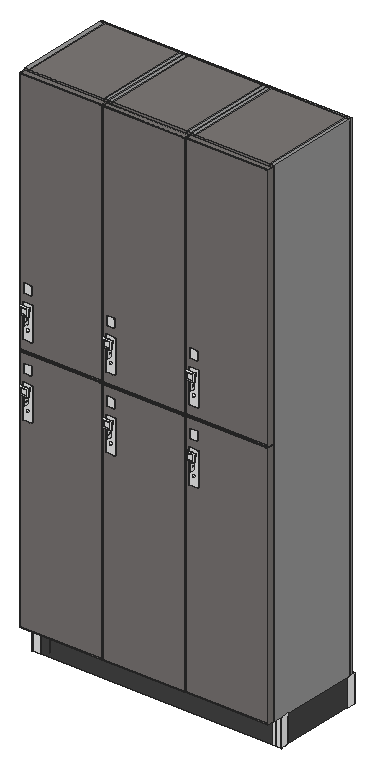
Revit family "Wood_Lockers_Hasps-Salsbury_Industries-42000_Series-3_Wide_Units.rfa", category Specialty Equipment, Revit 2016
Family settings
  Part Type = Normal
  Round Connector Dimension = Use Diameter
  OmniClass Number = 23.40.00.00
  OmniClass Title = Equipment and Furnishings
  Work Plane-Based = No
  Always vertical = Yes
  Cut with Voids When Loaded = No
  Shared = No
  Room Calculation Point = No
Parameters (values of type "42365")
  Width = 36.000"
  Version = "1.0 (01/31/24)"
  Unit Height including Sloping Hood Only [instance] = 77.743"
  Unit Height including Base Only [instance] = 76.000"
  URL = "www.lockers.com"
  Type Comments = "Premier Wood Lockers - Double Tier - with Hasps"
  Total Doors Height [instance] = if(Unit Height = 72.000", 71.750", if(Unit Height = 60.000", 59.750", 0.000"))  # 71.750"
  Sloping Top Corner Filler - Right Side [instance] = Wood Locker Sloping Corner Fillers : None
  Sloping Top Corner Filler - Left Side [instance] = Wood Locker Sloping Corner Fillers : None
  Sloping In-Line Filler - Right Side [instance] = Wood Locker Sloping In-Line Fillers : None
  Sloping In-Line Filler - Left Side [instance] = Wood Locker Sloping In-Line Fillers : None
  Sloping Hood Height = if(Depth = 15.000", 5.743", if(Depth = 18.000", 6.868", if(Depth = 21.000", 7.993", if(Depth = 24.000", 9.118", 0.000"))))  # 5.743"
  Sloping Hood [instance] = Wood Locker Sloping Hoods : None
  Side Panel without Slope - Right Side [instance] = Wood Locker Side Panels-No Slope : None
  Side Panel without Slope - Left Side [instance] = Wood Locker Side Panels-No Slope : None
  Side Panel with Slope - Right Side [instance] = Wood Locker Side Panels-With Slope : None
  Side Panel with Slope - Left Side [instance] = Wood Locker Side Panels-With Slope : None
  Secondary Structure Materials = Particle Board Industrial Grade - Salsbury Finish - Black Melamine Overlay
  Primary Structure Materials = Particle Board Industrial Grade - Salsbury Finish - Plain
  Overall Unit Height including Base and Sloping Hood [instance] = 81.743"
  OmniClass 23 Title = "Equipment and Furnishings"
  OmniClass 23 Number = "23.40.00.00"
  Model = "42365"
  MasterFormat Title = "Lockers"
  MasterFormat Code = "10 51 23"
  Manufacturer = "Salsbury Industries"
  Laminate Surface [instance] = Industrial Grade Particleboard with Wood Laminate - Salsbury Finish - Skyline Walnut
  Unit Height = 72.000"
  Interior Material = Textured Melamine - Salsbury Finish - White
  Individual Door Width [instance] = 11.875"
  Individual Door Height = if(Unit Height = 72.000", 35.781", if(Unit Height = 60.000", 29.781", 0.000"))  # 35.781"
  Hardware = Aluminum - Salsbury Finish - Black Satin
  Front Vertical Filler - Right Side [instance] = Wood Locker Front Fillers : None
  Front Vertical Filler - Left Side [instance] = Wood Locker Front Fillers : None
  Front Corner Filler - Right Side [instance] = Wood Locker Front Corner Filler : None
  Front Corner Filler - Left Side [instance] = Wood Locker Front Corner Filler : None
  Flat Top In-Line Filler - Right Side [instance] = Wood Locker Flat In-Line Fillers : None
  Flat Top In-Line Filler - Left Side [instance] = Wood Locker Flat In-Line Fillers : None
  Flat Top Corner Filler - Right Side [instance] = Wood Locker Flat Corner Fillers : None
  Flat Top Corner Filler - Left Side [instance] = Wood Locker Flat Corner Fillers : None
  Fascia Filler [instance] = Wood Locker Fascia Fillers : None
  Double Side Panel without Slope - Right Side [instance] = Wood Locker Double Side Panels-No Slope : None
  Double Side Panel without Slope - Left Side [instance] = Wood Locker Double Side Panels-No Slope : None
  Double Side Panel with Slope - Right Side [instance] = Wood Locker Double Side Panels-With Slope : None
  Double Side Panel with Slope - Left Side [instance] = Wood Locker Double Side Panels-With Slope : None
  Door Location D2 = Premier Locker Doors_Hasp : Double Tier Door-2 for Six Foot High Locker
  Door Location D1 = Premier Locker Doors_Hasp : Double Tier Door-1 for Six Foot High Locker
  Description = "3 Wide - 6 Feet High - 15 inches Deep - with Base"
  Depth = 15.000"
  Compartment Width [instance] = 10.750"
  Compartment Height [instance] = if(Unit Height = 72.000", 34.875", if(Unit Height = 60.000", 28.875", 0.000"))  # 34.875"
  Compartment Depth [instance] = 13.750"
  Base Material = Particle Board Industrial Grade - Salsbury Finish - Black Melamine Overlay
  Base Height = 4.000"
  Base Depth [instance] = 13.250"
  Base = Wood Locker Bases : Base - 36" W x 15" D Lockers
  Assembly Code = "C1030310"
Reference planes (in)
  plane 1 "Center (Front/Back)": y = 0
  plane 2: z = 0
  plane 3 "Center (Left/Right)": x = 0
  plane 4 "Right Side of Unit": x = 18
  plane 5 "Left Side of Unit": x = -18
  plane 6 "Back of Unit": y = 7.5
  plane 7 "Front of Unit": y = -7.5
  plane 8 "Bottom of Base": z = 0
  plane 9 "Top Edge of Unit": z = 76
  plane 10 "Top of Base Edge": z = 4
  plane 11: z = 81.743
  plane 12 "Right Compartment 3 Edge": x = 17.406
  plane 13 "Left Compartment 1 Edge": x = -17.406
  plane 14 "Front Melamine Edge": y = -6.5
  plane 15 "Back Compartment Edge": y = 7.281
  plane 16 "Front Compartment Edge": y = -6.469
  plane 17 "Front Edge of Base": y = -5.125
  plane 18 "Bottom Edge of Door": z = 4.125
  plane 19 "Top Edge of Door": z = 75.875
  plane 20 "Bottom Compartment Edge": z = 4.75
  plane 21 "Top Compartment Edge": z = 75.25
  plane 22 "Center Top and Bottom": z = 40
  plane 23 "Left Melamine 1 Edge": x = -17.375
  plane 24 "Right Melamine 3 Edge": x = 17.375
  plane 25 "Back Melamine Edge": y = 7.25
  plane 26 "Left Edge of Door": x = -17.875
  plane 27: y = 8.125
  plane 28: y = -5.75
  plane 29 "Base / Ventillation Alignment": y = 8.125
  plane 30 "Compartment 1-2 Dividing Line": x = -6
  plane 31 "Compartment 2-3 Dividing Line": x = 6
  plane 32 "Right Compartment 1 Edge": x = -6.594
  plane 33 "Right Melamine 1 Edge": x = -6.625
  plane 34 "Left Compartment 2 Edge": x = -5.406
  plane 35 "Left Melamine 2 Edge": x = -5.375
  plane 36 "Right Compartment 2 Edge": x = 5.406
  plane 37 "Right Melamine 2 Edge": x = 5.375
  plane 38 "Left Compartment 3 Edge": x = 6.594
  plane 39 "Left Melamine 3 Edge": x = 6.625
  plane 40 "Compartment Shelf": z = 40.375
  plane 41: z = 39.625
  plane 42 "Compartment Extrusion Guide": z = 3.5
  plane 43 "Vertical Center of Compartment 1": x = -12
  plane 44 "Vertical Center of Compartment 3": x = 12
  plane 45: z = 39.906
  plane 46: z = 40.094
  plane 47 "Front of Shelf": y = 2.25
  plane 48: y = 2.281
  plane 49 "Top Shelf - Top": z = 70.75
  plane 50 "Top Shelf - Bottom": z = 70
  plane 51 "Bottom Shelf - Top": z = 35.125
  plane 52 "Bottom Shelf - Bottom": z = 34.375
Forms (in)
  Extrusion 1, solid, material "Particle Board Industrial Grade - Salsbury Finish - Plain" <- "Primary Structure Materials"
    sketch origin (18, 0, 0) x (0, -1, 0) y (0, 0, 1)
      loop
        line (6.469, 76) -> (-7.25, 76) -> (-7.25, 4) -> (6.469, 4) -> (6.469, 76)
    from 0 to 0.594
  Extrusion 2, solid, material "Particle Board Industrial Grade - Salsbury Finish - Plain" <- "Primary Structure Materials"
    sketch origin (-18, 0, 0) x (0, -1, 0) y (0, 0, 1)
      loop
        line (-7.25, 76) -> (-7.25, 4) -> (6.469, 4) -> (6.469, 76) -> (-7.25, 76)
    from 0 to -0.594
  Extrusion 3, solid, material "Textured Melamine - Salsbury Finish - White" <- "Interior Material"
    sketch origin (0, 0, 4) x (0, -1, 0) y (1, 0, 0)
      loop
        line (-7.25, -17.375) -> (6.469, -17.375) -> (6.469, 17.375) -> (-7.25, 17.375) -> (-7.25, -17.375)
    from 0 to 0.75
  Extrusion 4, solid, material "Industrial Grade Particleboard with Wood Laminate - Salsbury Finish - Skyline Walnut" <- "Laminate Surface"
    sketch origin (0, 0, 76) x (0, -1, 0) y (1, 0, 0)
      loop
        line (-7.25, -17.375) -> (6.5, -17.375) -> (6.5, 17.375) -> (-7.25, 17.375) -> (-7.25, -17.375)
    from 0 to -0.75
  Extrusion 5, solid, material "Particle Board Industrial Grade - Salsbury Finish - Plain" <- "Primary Structure Materials"
    sketch origin (0, 7.5, 0) x (1, 0, 0) y (0, 0, 1)
      loop
        line (-18, 76) -> (-18, 4) -> (18, 4) -> (18, 76) -> (-18, 76)
    from 0 to 0.219
  Extrusion 6, solid, material "Industrial Grade Particleboard with Wood Laminate - Salsbury Finish - Skyline Walnut" <- "Laminate Surface"
    sketch origin (0, -6.469, 0) x (1, 0, 0) y (0, 0, 1)
      loop
        line (-18, 76) -> (-18, 4) -> (-17.375, 4) -> (-17.375, 76) -> (-18, 76)
    from 0 to 0.031
  Extrusion 7, solid, material "Industrial Grade Particleboard with Wood Laminate - Salsbury Finish - Skyline Walnut" <- "Laminate Surface"
    sketch origin (0, -6.469, 0) x (-1, 0, 0) y (0, 0, -1)
      loop
        line (-18, -76) -> (-17.375, -76) -> (-17.375, -4) -> (-18, -4) -> (-18, -76)
    from 0 to 0.031
  Extrusion 8, solid, material "Textured Melamine - Salsbury Finish - White" <- "Interior Material"
    sketch origin (0, 7.25, 0) x (1, 0, 0) y (0, 0, 1)
      loop
        line (-18, 76) -> (-18, 4) -> (18, 4) -> (18, 76) -> (-18, 76)
    from -0.031 to 0
  Extrusion 9, solid, material "Textured Melamine - Salsbury Finish - White" <- "Interior Material"
    sketch origin (-17.406, 0, 0) x (0, -1, 0) y (0, 0, 1)
      loop
        line (-7.25, 76) -> (-7.25, 4) -> (6.469, 4) -> (6.469, 76) -> (-7.25, 76)
    from 0 to -0.031
  Extrusion 10, solid, material "Textured Melamine - Salsbury Finish - White" <- "Interior Material"
    sketch origin (17.406, 0, 0) x (0, -1, 0) y (0, 0, 1)
      loop
        line (6.469, 76) -> (-7.25, 76) -> (-7.25, 4) -> (6.469, 4) -> (6.469, 76)
    from 0 to 0.031
  Extrusion 11, solid, material "Textured Melamine - Salsbury Finish - White" <- "Interior Material", detail levels fine
    sketch origin (0, 0, 40.375) x (0, -1, 0) y (1, 0, 0)
      loop
        line (-7.25, -17.375) -> (6.469, -17.375) -> (6.469, 17.375) -> (-7.25, 17.375) -> (-7.25, -17.375)
    from 0 to -0.75
  Extrusion 12, void
    sketch origin (0, 0, 76) x (0, -1, 0) y (1, 0, 0)
      loop
        line (-7.25, -6.625) -> (6.5, -6.625) -> (6.5, -5.375) -> (-7.25, -5.375) -> (-7.25, -6.625)
    from -72.5 to 0
  Extrusion 13, void
    sketch origin (12, 0, 76) x (0, -1, 0) y (1, 0, 0)
      loop
        line (-7.25, -6.625) -> (6.5, -6.625) -> (6.5, -5.375) -> (-7.25, -5.375) -> (-7.25, -6.625)
    from -72.5 to 0
  Extrusion 14, solid, material "Particle Board Industrial Grade - Salsbury Finish - Plain" <- "Primary Structure Materials"
    sketch origin (6.0625, 0, 0) x (0, -1, 0) y (0, 0, 1)
      loop
        line (6.469, 76) -> (-7.25, 76) -> (-7.25, 4) -> (6.469, 4) -> (6.469, 76)
    from 0.0625 to 0.6565
  Extrusion 15, solid, material "Textured Melamine - Salsbury Finish - White" <- "Interior Material"
    sketch origin (5.4685, 0, 0) x (0, -1, 0) y (0, 0, 1)
      loop
        line (6.469, 76) -> (-7.25, 76) -> (-7.25, 4) -> (6.469, 4) -> (6.469, 76)
    from 0.0625 to 0.0935
  Extrusion 16, solid, material "Particle Board Industrial Grade - Salsbury Finish - Plain" <- "Primary Structure Materials"
    sketch origin (-5.9375, 0, 0) x (0, -1, 0) y (0, 0, 1)
      loop
        line (6.469, 76) -> (-7.25, 76) -> (-7.25, 4) -> (6.469, 4) -> (6.469, 76)
    from 0.0625 to 0.6565
  Extrusion 17, solid, material "Textured Melamine - Salsbury Finish - White" <- "Interior Material"
    sketch origin (-6.5315, 0, 0) x (0, -1, 0) y (0, 0, 1)
      loop
        line (6.469, 76) -> (-7.25, 76) -> (-7.25, 4) -> (6.469, 4) -> (6.469, 76)
    from 0.0625 to 0.0935
  Extrusion 18, solid, material "Particle Board Industrial Grade - Salsbury Finish - Plain" <- "Primary Structure Materials"
    sketch origin (-5.9375, 0, 0) x (0, -1, 0) y (0, 0, 1)
      loop
        line (-7.25, 76) -> (-7.25, 4) -> (6.469, 4) -> (6.469, 76) -> (-7.25, 76)
    from 0.0625 to -0.5315
  Extrusion 19, solid, material "Textured Melamine - Salsbury Finish - White" <- "Interior Material"
    sketch origin (-5.3435, 0, 0) x (0, -1, 0) y (0, 0, 1)
      loop
        line (-7.25, 76) -> (-7.25, 4) -> (6.469, 4) -> (6.469, 76) -> (-7.25, 76)
    from 0.0625 to 0.0315
  Extrusion 20, solid, material "Particle Board Industrial Grade - Salsbury Finish - Plain" <- "Primary Structure Materials"
    sketch origin (6.0625, 0, 0) x (0, -1, 0) y (0, 0, 1)
      loop
        line (-7.25, 76) -> (-7.25, 4) -> (6.469, 4) -> (6.469, 76) -> (-7.25, 76)
    from 0.0625 to -0.5315
  Extrusion 21, solid, material "Textured Melamine - Salsbury Finish - White" <- "Interior Material"
    sketch origin (6.6565, 0, 0) x (0, -1, 0) y (0, 0, 1)
      loop
        line (-7.25, 76) -> (-7.25, 4) -> (6.469, 4) -> (6.469, 76) -> (-7.25, 76)
    from 0.0625 to 0.0315
  Extrusion 22, solid, material "Industrial Grade Particleboard with Wood Laminate - Salsbury Finish - Skyline Walnut" <- "Laminate Surface"
    sketch origin (11.375, -6.469, 0) x (1, 0, 0) y (0, 0, 1)
      loop
        line (-18, 76) -> (-18, 4) -> (-16.75, 4) -> (-16.75, 76) -> (-18, 76)
    from 0 to 0.031
  Extrusion 23, solid, material "Industrial Grade Particleboard with Wood Laminate - Salsbury Finish - Skyline Walnut" <- "Laminate Surface"
    sketch origin (23.375, -6.469, 0) x (1, 0, 0) y (0, 0, 1)
      loop
        line (-18, 76) -> (-18, 4) -> (-16.75, 4) -> (-16.75, 76) -> (-18, 76)
    from 0 to 0.031
  Extrusion 24, solid, material "Industrial Grade Particleboard with Wood Laminate - Salsbury Finish - Skyline Walnut" <- "Laminate Surface"
    sketch origin (0, -6.469, 0) x (1, 0, 0) y (0, 0, 1)
      loop
        line (-17.375, 40.375) -> (-17.375, 39.625) -> (17.375, 39.625) -> (17.375, 40.375) -> (-17.375, 40.375)
    from 0 to 0.031
  Extrusion 25, solid, material "Industrial Grade Particleboard with Wood Laminate - Salsbury Finish - Skyline Walnut" <- "Laminate Surface"
    sketch origin (0, -6.469, 0) x (1, 0, 0) y (0, 0, 1)
      loop
        line (-17.375, 4.75) -> (-17.375, 4) -> (17.375, 4) -> (17.375, 4.75) -> (-17.375, 4.75)
    from 0 to 0.031
  Extrusion 26, solid, material "Textured Melamine - Salsbury Finish - White" <- "Interior Material"
    sketch origin (0, 0, 70.75) x (0, -1, 0) y (1, 0, 0)
      loop
        line (-7.25, -17.375) -> (-2.281, -17.375) -> (-2.281, 17.375) -> (-7.25, 17.375) -> (-7.25, -17.375)
    from 0 to -0.75
  Extrusion 27, solid, material "Textured Melamine - Salsbury Finish - White" <- "Interior Material"
    sketch origin (0, 0, 35.125) x (0, -1, 0) y (1, 0, 0)
      loop
        line (-7.25, -17.375) -> (-2.281, -17.375) -> (-2.281, 17.375) -> (-7.25, 17.375) -> (-7.25, -17.375)
    from 0 to -0.75
  Extrusion 28, solid, material "Industrial Grade Particleboard with Wood Laminate - Salsbury Finish - Skyline Walnut" <- "Laminate Surface"
    sketch origin (0, 2.25, 0) x (1, 0, 0) y (0, 0, 1)
      loop
        line (-17.375, 70.75) -> (-17.375, 70) -> (17.375, 70) -> (17.375, 70.75) -> (-17.375, 70.75)
    from 0 to -0.031
  Extrusion 29, solid, material "Industrial Grade Particleboard with Wood Laminate - Salsbury Finish - Skyline Walnut" <- "Laminate Surface"
    sketch origin (0, 2.25, 0) x (1, 0, 0) y (0, 0, 1)
      loop
        line (-17.375, 35.125) -> (-17.375, 34.375) -> (17.375, 34.375) -> (17.375, 35.125) -> (-17.375, 35.125)
    from 0 to -0.031
Cuts and joins
  Extrusion 12, Extrusion 13 cuts Extrusion 4
  Extrusion 12, Extrusion 13 cuts Extrusion 11
  Extrusion 12, Extrusion 13 cuts Extrusion 3
  Extrusion 13 cuts Extrusion 8
Lines and regions (in)
  symbolic lines
    curve 1: line (-18, 7.25, 76) -> (18.00006, 7.25, 76)
    curve 2: line (-18, 7.25, 0) -> (-18, 7.25, 76)
    curve 3: line (18.00006, 7.25, 76) -> (18.00006, 7.25, 0)
    curve 4: line (17.406, -6.5, 76) -> (17.406, 8.125, 76)
    curve 5: line (17.406, -6.5, 0) -> (17.406, -6.5, 76)
    curve 6: line (17.406, 8.125, 76) -> (17.406, 8.125, 0)
    curve 7: line (18.00006, 7.25, 0) -> (-18, 7.25, 0)
    curve 8: line (17.406, -5.125, 0) -> (17.406, 8.125, 0)
    curve 9: line (17.406, 8.125, 0) -> (17.406, -5.125, 0)
    curve 10: line (17.406, -6.5, 0) -> (17.406, 8.125, 0)
    curve 11: line (-18, 8.125, 0) -> (18, 8.125, 0)
    curve 12: line (-18, -6.5, 0) -> (-18, 8.125, 0)
    curve 13: line (18, -6.5, 0) -> (-18, -6.5, 0)
    curve 14: line (18, 8.125, 0) -> (18, -6.5, 0)
Dimensions and locks (in)
  equal spacing: plane 5 "Left Side of Unit", plane 43 "Vertical Center of Compartment 1", plane 30 "Compartment 1-2 Dividing Line", plane 3 "Center (Left/Right)", plane 31 "Compartment 2-3 Dividing Line", plane 44 "Vertical Center of Compartment 3", plane 4 "Right Side of Unit"
  "Width": plane 5 "Left Side of Unit" to plane 4 "Right Side of Unit"
  equal spacing: plane 7 "Front of Unit", plane 1 "Center (Front/Back)", plane 6 "Back of Unit"
  "Depth": plane 7 "Front of Unit" to plane 6 "Back of Unit"
  "Base Height": plane 10 "Top of Base Edge" to plane 8 "Bottom of Base"
  "Unit Height": plane 9 "Top Edge of Unit" to plane 10 "Top of Base Edge"
  "Sloping Hood Height": plane 11 to plane 9 "Top Edge of Unit"
  locked: plane 12 "Right Compartment 3 Edge" to plane 4 "Right Side of Unit" at 0.594
  locked: plane 5 "Left Side of Unit" to plane 13 "Left Compartment 1 Edge" at 0.594
  locked: plane 7 "Front of Unit" to plane 14 "Front Melamine Edge" at 1
  locked: plane 15 "Back Compartment Edge" to plane 6 "Back of Unit" at 0.219
  locked: plane 14 "Front Melamine Edge" to plane 16 "Front Compartment Edge" at 0.031
  plane 18 "Bottom Edge of Door" to plane 10 "Top of Base Edge" = 0.125"
  plane 9 "Top Edge of Unit" to plane 19 "Top Edge of Door" = 0.125"
  plane 20 "Bottom Compartment Edge" to plane 10 "Top of Base Edge" = 0.750"
  plane 9 "Top Edge of Unit" to plane 21 "Top Compartment Edge" = 0.750"
  equal spacing: plane 9 "Top Edge of Unit", plane 22 "Center Top and Bottom", plane 10 "Top of Base Edge"
  locked: plane 24 "Right Melamine 3 Edge" to plane 12 "Right Compartment 3 Edge" at 0.031
  locked: plane 13 "Left Compartment 1 Edge" to plane 23 "Left Melamine 1 Edge" at 0.031
  locked: plane 25 "Back Melamine Edge" to plane 15 "Back Compartment Edge" at 0.031
  locked: plane 5 "Left Side of Unit" to plane 26 "Left Edge of Door" at 0.125
  "Individual Door Width": plane 26 "Left Edge of Door" to plane 30 "Compartment 1-2 Dividing Line"
  "Total Doors Height": plane 19 "Top Edge of Door" to plane 18 "Bottom Edge of Door"
  "Unit Height including Base Only": plane 9 "Top Edge of Unit" to plane 8 "Bottom of Base"
  "Unit Height including Sloping Hood Only": plane 11 to plane 10 "Top of Base Edge"
  "Overall Unit Height including Base and Sloping Hood": plane 11 to plane 8 "Bottom of Base"
  locked: plane 7 "Front of Unit" to plane 17 "Front Edge of Base" at 2.375
  locked: plane 6 "Back of Unit" to plane 27 at 0.625
  "Base Depth": plane 17 "Front Edge of Base" to plane 27
  "Compartment Width": plane 23 "Left Melamine 1 Edge" to plane 33 "Right Melamine 1 Edge"
  "Compartment Height": plane 41 to plane 20 "Bottom Compartment Edge"
  "Compartment Depth": plane 14 "Front Melamine Edge" to plane 25 "Back Melamine Edge"
  locked: plane 14 "Front Melamine Edge" to plane 28 at 0.75
  plane 14 "Front Melamine Edge" to plane 27 = 14.625"
  Extrusion 2 to Extrusion 9 = 13.719"
  plane 6 "Back of Unit" to plane 29 "Base / Ventillation Alignment" = 0.625"
  plane 32 "Right Compartment 1 Edge" to plane 30 "Compartment 1-2 Dividing Line" to plane 34 "Left Compartment 2 Edge" = 0.594" locked, 0.594" locked
  plane 36 "Right Compartment 2 Edge" to plane 31 "Compartment 2-3 Dividing Line" to plane 38 "Left Compartment 3 Edge" = 0.594" locked, 0.594" locked
  locked: plane 37 "Right Melamine 2 Edge" to plane 36 "Right Compartment 2 Edge" at 0.031
  locked: plane 38 "Left Compartment 3 Edge" to plane 39 "Left Melamine 3 Edge" at 0.031
  locked: plane 34 "Left Compartment 2 Edge" to plane 35 "Left Melamine 2 Edge" at 0.031
  locked: plane 33 "Right Melamine 1 Edge" to plane 32 "Right Compartment 1 Edge" at 0.031
  locked: plane 40 "Compartment Shelf" to plane 41 at 0.75
  locked: plane 10 "Top of Base Edge" to plane 42 "Compartment Extrusion Guide" at 0.5
  locked: plane 46 to plane 45 at 0.188
  "Individual Door Height": plane 45 to plane 18 "Bottom Edge of Door"
  plane 47 "Front of Shelf" to plane 25 "Back Melamine Edge" = 5.000"
  locked: plane 47 "Front of Shelf" to plane 48 at 0.031
  plane 21 "Top Compartment Edge" to plane 49 "Top Shelf - Top" to plane 50 "Top Shelf - Bottom" = 4.500" locked, 0.750" locked
  plane 41 to plane 51 "Bottom Shelf - Top" to plane 52 "Bottom Shelf - Bottom" = 4.500" locked, 0.750" locked
  aligned and locked: level to plane 2
  aligned and locked: plane 15 "Back Compartment Edge" to Extrusion 5
  aligned and locked: plane 4 "Right Side of Unit" to nested 1
  aligned and locked: plane 18 "Bottom Edge of Door" to nested 1
  aligned and locked: plane 7 "Front of Unit" to nested 1
  aligned and locked: plane 5 "Left Side of Unit" to nested 2
  aligned and locked: nested 2 to plane 14 "Front Melamine Edge"
  aligned and locked: plane 9 "Top Edge of Unit" to nested 2
  aligned and locked: plane 4 "Right Side of Unit" to nested 3
  aligned and locked: nested 3 to plane 9 "Top Edge of Unit"
  aligned and locked: nested 3 to plane 14 "Front Melamine Edge"
  aligned and locked: plane 9 "Top Edge of Unit" to nested 4
  aligned and locked: plane 28 to nested 4
  aligned and locked: nested 5 to plane 28
  aligned and locked: plane 5 "Left Side of Unit" to nested 5
  aligned and locked: plane 4 "Right Side of Unit" to nested 4
  aligned and locked: nested 5 to plane 9 "Top Edge of Unit"
  aligned and locked: nested 7 to plane 5 "Left Side of Unit"
  aligned and locked: nested 6 to plane 4 "Right Side of Unit"
  aligned and locked: plane 14 "Front Melamine Edge" to nested 6
  aligned and locked: plane 14 "Front Melamine Edge" to nested 7
  aligned and locked: plane 10 "Top of Base Edge" to nested 6
  aligned and locked: nested 7 to plane 10 "Top of Base Edge"
  aligned and locked: plane 5 "Left Side of Unit" to nested 8
  aligned and locked: plane 4 "Right Side of Unit" to nested 9
  aligned and locked: nested 9 to plane 10 "Top of Base Edge"
  aligned and locked: plane 10 "Top of Base Edge" to nested 8
  aligned and locked: plane 16 "Front Compartment Edge" to nested 9
  aligned and locked: plane 14 "Front Melamine Edge" to nested 8
  aligned and locked: plane 4 "Right Side of Unit" to nested 10
  aligned and locked: nested 10 to plane 10 "Top of Base Edge"
  aligned and locked: plane 14 "Front Melamine Edge" to nested 10
  aligned and locked: plane 14 "Front Melamine Edge" to nested 11
  aligned and locked: nested 11 to nested 3
  aligned and locked: plane 10 "Top of Base Edge" to nested 11
  aligned and locked: nested 12 to plane 5 "Left Side of Unit"
  aligned and locked: plane 14 "Front Melamine Edge" to nested 12
  aligned and locked: nested 12 to plane 10 "Top of Base Edge"
  aligned and locked: plane 14 "Front Melamine Edge" to nested 13
  aligned and locked: nested 13 to plane 4 "Right Side of Unit"
  aligned and locked: plane 14 "Front Melamine Edge" to nested 14
  aligned and locked: nested 14 to plane 5 "Left Side of Unit"
  aligned and locked: plane 10 "Top of Base Edge" to nested 13
  aligned and locked: nested 14 to plane 10 "Top of Base Edge"
  aligned and locked: plane 14 "Front Melamine Edge" to nested 15
  aligned and locked: plane 4 "Right Side of Unit" to nested 15
  aligned and locked: plane 14 "Front Melamine Edge" to nested 16
  aligned and locked: plane 5 "Left Side of Unit" to nested 16
  aligned and locked: nested 15 to plane 8 "Bottom of Base"
  aligned and locked: nested 16 to plane 8 "Bottom of Base"
  aligned and locked: nested 17 to plane 5 "Left Side of Unit"
  aligned and locked: nested 18 to plane 4 "Right Side of Unit"
  aligned and locked: nested 18 to plane 14 "Front Melamine Edge"
  aligned and locked: nested 17 to plane 14 "Front Melamine Edge"
  aligned and locked: plane 8 "Bottom of Base" to nested 18
  aligned and locked: nested 17 to plane 8 "Bottom of Base"
  aligned and locked: plane 17 "Front Edge of Base" to nested 19
  aligned and locked: nested 20 to plane 9 "Top Edge of Unit"
  aligned and locked: plane 5 "Left Side of Unit" to nested 20
  aligned and locked: nested 21 to plane 9 "Top Edge of Unit"
  aligned and locked: plane 4 "Right Side of Unit" to nested 21
  aligned and locked: nested 21 to plane 14 "Front Melamine Edge"
  aligned and locked: nested 20 to plane 14 "Front Melamine Edge"
  aligned and locked: nested 23 to plane 9 "Top Edge of Unit"
  aligned and locked: plane 4 "Right Side of Unit" to nested 23
  aligned and locked: nested 22 to plane 9 "Top Edge of Unit"
  aligned and locked: plane 5 "Left Side of Unit" to nested 22
  aligned and locked: nested 23 to plane 28
  aligned and locked: nested 22 to plane 28
  aligned and locked: plane 8 "Bottom of Base" to nested 19
  aligned and locked: plane 3 "Center (Left/Right)" to nested 19
  aligned and locked: plane 25 "Back Melamine Edge" to Extrusion 3 sketch curve
  aligned and locked: Extrusion 3 sketch curve to plane 23 "Left Melamine 1 Edge"
  aligned and locked: plane 24 "Right Melamine 3 Edge" to Extrusion 3 sketch curve
  aligned and locked: plane 25 "Back Melamine Edge" to Extrusion 4 sketch curve
  aligned and locked: plane 24 "Right Melamine 3 Edge" to Extrusion 4 sketch curve
  aligned and locked: Extrusion 4 sketch curve to plane 23 "Left Melamine 1 Edge"
  aligned and locked: Extrusion 4 sketch curve to plane 14 "Front Melamine Edge"
  aligned and locked: Extrusion 4 to plane 9 "Top Edge of Unit"
  aligned and locked: plane 21 "Top Compartment Edge" to Extrusion 4
  aligned and locked: Extrusion 2 sketch curve to plane 9 "Top Edge of Unit"
  aligned and locked: plane 16 "Front Compartment Edge" to Extrusion 2 sketch curve
  aligned and locked: Extrusion 2 sketch curve to plane 25 "Back Melamine Edge"
  aligned and locked: plane 10 "Top of Base Edge" to Extrusion 2 sketch curve
  aligned and locked: Extrusion 2 to plane 13 "Left Compartment 1 Edge"
  aligned and locked: plane 5 "Left Side of Unit" to Extrusion 2
  aligned and locked: plane 10 "Top of Base Edge" to Extrusion 9 sketch curve
  aligned and locked: Extrusion 9 sketch curve to plane 25 "Back Melamine Edge"
  aligned and locked: Extrusion 9 sketch curve to plane 9 "Top Edge of Unit"
  aligned and locked: Extrusion 1 sketch curve to plane 16 "Front Compartment Edge"
  aligned and locked: plane 9 "Top Edge of Unit" to Extrusion 1 sketch curve
  aligned and locked: Extrusion 1 sketch curve to plane 10 "Top of Base Edge"
  aligned and locked: plane 25 "Back Melamine Edge" to Extrusion 1 sketch curve
  aligned and locked: Extrusion 1 to plane 4 "Right Side of Unit"
  aligned and locked: plane 12 "Right Compartment 3 Edge" to Extrusion 1
  aligned and locked: Extrusion 10 sketch curve to plane 10 "Top of Base Edge"
  aligned and locked: plane 25 "Back Melamine Edge" to Extrusion 10 sketch curve
  aligned and locked: Extrusion 10 sketch curve to plane 16 "Front Compartment Edge"
  aligned and locked: plane 9 "Top Edge of Unit" to Extrusion 10 sketch curve
  aligned and locked: Extrusion 10 to plane 12 "Right Compartment 3 Edge"
  aligned and locked: plane 24 "Right Melamine 3 Edge" to Extrusion 10
  aligned and locked: Extrusion 8 sketch curve to plane 10 "Top of Base Edge"
  aligned and locked: plane 4 "Right Side of Unit" to Extrusion 8 sketch curve
  aligned and locked: plane 9 "Top Edge of Unit" to Extrusion 8 sketch curve
  aligned and locked: Extrusion 8 sketch curve to plane 5 "Left Side of Unit"
  aligned and locked: Extrusion 8 to plane 15 "Back Compartment Edge"
  aligned and locked: plane 25 "Back Melamine Edge" to Extrusion 8
  aligned and locked: plane 9 "Top Edge of Unit" to Extrusion 5 sketch curve
  aligned and locked: Extrusion 5 sketch curve to plane 5 "Left Side of Unit"
  aligned and locked: Extrusion 5 sketch curve to plane 10 "Top of Base Edge"
  aligned and locked: plane 4 "Right Side of Unit" to Extrusion 5 sketch curve
  aligned and locked: Extrusion 7 sketch curve to plane 9 "Top Edge of Unit"
  aligned and locked: Extrusion 7 sketch curve to plane 4 "Right Side of Unit"
  aligned and locked: plane 24 "Right Melamine 3 Edge" to Extrusion 7 sketch curve
  aligned and locked: plane 10 "Top of Base Edge" to Extrusion 7 sketch curve
  aligned and locked: Extrusion 7 to plane 16 "Front Compartment Edge"
  aligned and locked: plane 14 "Front Melamine Edge" to Extrusion 7
  aligned and locked: Extrusion 6 sketch curve to plane 10 "Top of Base Edge"
  aligned and locked: plane 23 "Left Melamine 1 Edge" to Extrusion 6 sketch curve
  aligned and locked: Extrusion 6 sketch curve to plane 5 "Left Side of Unit"
  aligned and locked: plane 9 "Top Edge of Unit" to Extrusion 6 sketch curve
  aligned and locked: Extrusion 6 to plane 16 "Front Compartment Edge"
  aligned and locked: Extrusion 6 to plane 14 "Front Melamine Edge"
  aligned and locked: plane 16 "Front Compartment Edge" to Extrusion 9
  aligned and locked: plane 13 "Left Compartment 1 Edge" to Extrusion 9
  aligned and locked: nested 2 to curve 1
  aligned and locked: curve 2 to nested 16
  aligned and locked: nested 15 to curve 5
  aligned and locked: curve 9 to nested 19
  aligned and locked: curve 10 to nested 15
  aligned and locked: curve 13 to plane 14 "Front Melamine Edge"
  aligned and locked: curve 12 to plane 5 "Left Side of Unit"
  aligned and locked: plane 29 "Base / Ventillation Alignment" to curve 11
  aligned and locked: plane 29 "Base / Ventillation Alignment" to curve 6
  aligned and locked: plane 14 "Front Melamine Edge" to nested 24
  aligned and locked: plane 9 "Top Edge of Unit" to nested 24
  aligned and locked: plane 3 "Center (Left/Right)" to nested 24
  aligned and locked: plane 14 "Front Melamine Edge" to nested 25
  aligned and locked: plane 3 "Center (Left/Right)" to nested 25
  aligned and locked: plane 9 "Top Edge of Unit" to nested 25
  aligned and locked: plane 25 "Back Melamine Edge" to Extrusion 11 sketch curve
  aligned and locked: Extrusion 11 sketch curve to plane 23 "Left Melamine 1 Edge"
  aligned and locked: plane 24 "Right Melamine 3 Edge" to Extrusion 11 sketch curve
  aligned and locked: Extrusion 12 sketch curve to plane 25 "Back Melamine Edge"
  aligned and locked: plane 33 "Right Melamine 1 Edge" to Extrusion 12 sketch curve
  aligned and locked: plane 14 "Front Melamine Edge" to Extrusion 12 sketch curve
  aligned and locked: Extrusion 12 sketch curve to plane 35 "Left Melamine 2 Edge"
  aligned and locked: Extrusion 12 to plane 9 "Top Edge of Unit"
  aligned and locked: plane 42 "Compartment Extrusion Guide" to Extrusion 12
  aligned and locked: Extrusion 13 sketch curve to plane 37 "Right Melamine 2 Edge"
  aligned and locked: plane 39 "Left Melamine 3 Edge" to Extrusion 13 sketch curve
  aligned and locked: plane 25 "Back Melamine Edge" to Extrusion 13 sketch curve
  aligned and locked: Extrusion 13 sketch curve to plane 14 "Front Melamine Edge"
  aligned and locked: plane 42 "Compartment Extrusion Guide" to Extrusion 13
  aligned and locked: Extrusion 13 to plane 9 "Top Edge of Unit"
  aligned and locked: plane 9 "Top Edge of Unit" to Extrusion 14 sketch curve
  aligned and locked: plane 25 "Back Melamine Edge" to Extrusion 14 sketch curve
  aligned and locked: Extrusion 14 sketch curve to plane 10 "Top of Base Edge"
  aligned and locked: Extrusion 14 sketch curve to plane 16 "Front Compartment Edge"
  aligned and locked: plane 36 "Right Compartment 2 Edge" to Extrusion 14
  aligned and locked: Extrusion 14 to plane 31 "Compartment 2-3 Dividing Line"
  aligned and locked: plane 25 "Back Melamine Edge" to Extrusion 15 sketch curve
  aligned and locked: plane 9 "Top Edge of Unit" to Extrusion 15 sketch curve
  aligned and locked: Extrusion 15 sketch curve to plane 10 "Top of Base Edge"
  aligned and locked: Extrusion 15 sketch curve to plane 16 "Front Compartment Edge"
  aligned and locked: Extrusion 15 to plane 36 "Right Compartment 2 Edge"
  aligned and locked: plane 37 "Right Melamine 2 Edge" to Extrusion 15
  aligned and locked: plane 25 "Back Melamine Edge" to Extrusion 16 sketch curve
  aligned and locked: plane 9 "Top Edge of Unit" to Extrusion 16 sketch curve
  aligned and locked: Extrusion 16 sketch curve to plane 10 "Top of Base Edge"
  aligned and locked: Extrusion 16 sketch curve to plane 16 "Front Compartment Edge"
  aligned and locked: plane 32 "Right Compartment 1 Edge" to Extrusion 16
  aligned and locked: Extrusion 16 to plane 30 "Compartment 1-2 Dividing Line"
  aligned and locked: plane 25 "Back Melamine Edge" to Extrusion 17 sketch curve
  aligned and locked: plane 9 "Top Edge of Unit" to Extrusion 17 sketch curve
  aligned and locked: Extrusion 17 sketch curve to plane 10 "Top of Base Edge"
  aligned and locked: Extrusion 17 sketch curve to plane 16 "Front Compartment Edge"
  aligned and locked: Extrusion 17 to plane 32 "Right Compartment 1 Edge"
  aligned and locked: plane 33 "Right Melamine 1 Edge" to Extrusion 17
  aligned and locked: plane 10 "Top of Base Edge" to Extrusion 18 sketch curve
  aligned and locked: plane 16 "Front Compartment Edge" to Extrusion 18 sketch curve
  aligned and locked: Extrusion 18 sketch curve to plane 25 "Back Melamine Edge"
  aligned and locked: Extrusion 18 sketch curve to plane 9 "Top Edge of Unit"
  aligned and locked: Extrusion 18 to plane 34 "Left Compartment 2 Edge"
  aligned and locked: plane 30 "Compartment 1-2 Dividing Line" to Extrusion 18
  aligned and locked: Extrusion 19 sketch curve to plane 25 "Back Melamine Edge"
  aligned and locked: Extrusion 19 sketch curve to plane 9 "Top Edge of Unit"
  aligned and locked: plane 10 "Top of Base Edge" to Extrusion 19 sketch curve
  aligned and locked: plane 16 "Front Compartment Edge" to Extrusion 19 sketch curve
  aligned and locked: Extrusion 19 to plane 35 "Left Melamine 2 Edge"
  aligned and locked: plane 34 "Left Compartment 2 Edge" to Extrusion 19
  aligned and locked: plane 16 "Front Compartment Edge" to Extrusion 20 sketch curve
  aligned and locked: plane 10 "Top of Base Edge" to Extrusion 20 sketch curve
  aligned and locked: Extrusion 20 sketch curve to plane 9 "Top Edge of Unit"
  aligned and locked: Extrusion 20 sketch curve to plane 25 "Back Melamine Edge"
  aligned and locked: plane 31 "Compartment 2-3 Dividing Line" to Extrusion 20
  aligned and locked: Extrusion 20 to plane 38 "Left Compartment 3 Edge"
  aligned and locked: Extrusion 21 sketch curve to plane 25 "Back Melamine Edge"
  aligned and locked: Extrusion 21 sketch curve to plane 9 "Top Edge of Unit"
  aligned and locked: plane 10 "Top of Base Edge" to Extrusion 21 sketch curve
  aligned and locked: plane 16 "Front Compartment Edge" to Extrusion 21 sketch curve
  aligned and locked: Extrusion 21 to plane 39 "Left Melamine 3 Edge"
  aligned and locked: plane 38 "Left Compartment 3 Edge" to Extrusion 21
  aligned and locked: plane 31 "Compartment 2-3 Dividing Line" to nested 26
  aligned and locked: plane 30 "Compartment 1-2 Dividing Line" to nested 27
  aligned and locked: plane 18 "Bottom Edge of Door" to nested 26
  aligned and locked: plane 18 "Bottom Edge of Door" to nested 27
  aligned and locked: plane 7 "Front of Unit" to nested 26
  aligned and locked: plane 7 "Front of Unit" to nested 27
  aligned and locked: Extrusion 22 sketch curve to plane 33 "Right Melamine 1 Edge"
  aligned and locked: plane 9 "Top Edge of Unit" to Extrusion 22 sketch curve
  aligned and locked: plane 35 "Left Melamine 2 Edge" to Extrusion 22 sketch curve
  aligned and locked: Extrusion 22 sketch curve to plane 10 "Top of Base Edge"
  aligned and locked: Extrusion 22 to plane 16 "Front Compartment Edge"
  aligned and locked: plane 14 "Front Melamine Edge" to Extrusion 22
  aligned and locked: plane 9 "Top Edge of Unit" to Extrusion 23 sketch curve
  aligned and locked: Extrusion 23 sketch curve to plane 37 "Right Melamine 2 Edge"
  aligned and locked: plane 39 "Left Melamine 3 Edge" to Extrusion 23 sketch curve
  aligned and locked: Extrusion 23 sketch curve to plane 10 "Top of Base Edge"
  aligned and locked: Extrusion 23 to plane 16 "Front Compartment Edge"
  aligned and locked: plane 14 "Front Melamine Edge" to Extrusion 23
  aligned and locked: plane 46 to nested 30
  aligned and locked: plane 46 to nested 29
  aligned and locked: plane 30 "Compartment 1-2 Dividing Line" to nested 30
  aligned and locked: plane 31 "Compartment 2-3 Dividing Line" to nested 29
  aligned and locked: plane 46 to nested 28
  aligned and locked: plane 4 "Right Side of Unit" to nested 28
  aligned and locked: plane 7 "Front of Unit" to nested 28
  aligned and locked: plane 7 "Front of Unit" to nested 29
  aligned and locked: plane 7 "Front of Unit" to nested 30
  aligned and locked: plane 16 "Front Compartment Edge" to Extrusion 11
  aligned and locked: plane 16 "Front Compartment Edge" to Extrusion 3
  aligned and locked: Extrusion 24 to plane 40 "Compartment Shelf"
  aligned and locked: plane 41 to Extrusion 24
  aligned and locked: Extrusion 24 to Extrusion 7
  aligned and locked: Extrusion 24 to Extrusion 6
  aligned and locked: Extrusion 24 to plane 14 "Front Melamine Edge"
  aligned and locked: Extrusion 24 to plane 16 "Front Compartment Edge"
  aligned and locked: Extrusion 25 sketch curve to cut or joined group of Extrusion 3, Extrusion 12, Extrusion 13  (x3)
  aligned and locked: Extrusion 7 to Extrusion 25 sketch curve
  aligned and locked: Extrusion 25 to plane 14 "Front Melamine Edge"
  aligned and locked: Extrusion 25 to plane 16 "Front Compartment Edge"
  aligned and locked: Extrusion 26 sketch curve to cut or joined group of Extrusion 4, Extrusion 12, Extrusion 13
  aligned and locked: cut or joined group of Extrusion 4, Extrusion 12, Extrusion 13 to Extrusion 26 sketch curve
  aligned and locked: plane 48 to Extrusion 26 sketch curve
  aligned and locked: Extrusion 26 sketch curve to plane 24 "Right Melamine 3 Edge"
  aligned and locked: Extrusion 26 to plane 49 "Top Shelf - Top"
  aligned and locked: plane 50 "Top Shelf - Bottom" to Extrusion 26
  aligned and locked: Extrusion 27 sketch curve to cut or joined group of Extrusion 4, Extrusion 12, Extrusion 13
  aligned and locked: cut or joined group of Extrusion 4, Extrusion 12, Extrusion 13 to Extrusion 27 sketch curve
  aligned and locked: Extrusion 27 sketch curve to Extrusion 26  (x2)
  aligned and locked: Extrusion 27 to plane 51 "Bottom Shelf - Top"
  aligned and locked: plane 52 "Bottom Shelf - Bottom" to Extrusion 27
  aligned and locked: Extrusion 28 sketch curve to Extrusion 26  (x4)
  aligned and locked: Extrusion 28 to plane 48
  aligned and locked: plane 47 "Front of Shelf" to Extrusion 28
  aligned and locked: Extrusion 29 sketch curve to Extrusion 27  (x4)
  aligned and locked: plane 47 "Front of Shelf" to Extrusion 29
  aligned and locked: Extrusion 29 to plane 48
Automatic sketch dimensions
  Extrusion 9 sketch curve to plane 16 "Front Compartment Edge" = 0.000"
  curve 3 to level = 0.000"
  curve 3 to plane 4 "Right Side of Unit" = 0.00006"
  curve 8 to plane 17 "Front Edge of Base" = 0.000"
  curve 9 to plane 17 "Front Edge of Base" = 0.000"
  plane 9 "Top Edge of Unit" to curve 5 = 0.000"
  curve 13 to plane 4 "Right Side of Unit" = 0.000"
  Extrusion 11 sketch curve to plane 14 "Front Melamine Edge" = 0.031"
  Extrusion 3 sketch curve to plane 14 "Front Melamine Edge" = 0.031"
  Extrusion 24 sketch curve to plane 23 "Left Melamine 1 Edge" = 0.000"
  plane 24 "Right Melamine 3 Edge" to Extrusion 24 sketch curve = 0.000"
  plane 45 to Extrusion 24 sketch curve = 0.281"
  Extrusion 24 sketch curve to plane 46 = 0.281"
Nested families (in)
  nested 1: "Premier Locker Doors_Hasp" at (12.0625, -7.125, 4.125), type <- "Door Location D2", type "Double Tier Door-2 for Six Foot High Locker"
  nested 2: "Wood Locker Sloping Corner Fillers" at (-27.25, 0.5, 76), type <- "Sloping Top Corner Filler - Left Side", type "None"
  nested 3: "Wood Locker Sloping Corner Fillers" at (27.25, 0.5, 76) x (-1, 0, 0) z (0, 0, 1), type <- "Sloping Top Corner Filler - Right Side", type "None"
  nested 4: "Wood Locker Flat Corner Fillers" at (25.5, -2.125, 75.25), type <- "Flat Top Corner Filler - Right Side", type "None"
  nested 5: "Wood Locker Flat Corner Fillers" at (-25.5, -2.125, 75.25) x (-1, 0, 0) z (0, 0, 1), type <- "Flat Top Corner Filler - Left Side", type "None"
  nested 6: "Wood Locker Side Panels-No Slope" at (18.375, 0.5, 4) x (0, 1, 0) z (0, 0, 1), type <- "Side Panel without Slope - Right Side", type "None"
  nested 7: "Wood Locker Side Panels-No Slope" at (-18.375, 0.5, 4) x (0, 1, 0) z (0, 0, 1), type <- "Side Panel without Slope - Left Side", type "None"
  nested 8: "Wood Locker Side Panels-With Slope" at (-18.375, 0.8125, 4) x (0, -1, 0) z (0, 0, 1), type <- "Side Panel with Slope - Left Side", type "None"
  nested 9: "Wood Locker Side Panels-With Slope" at (18.375, 0.8435, 4) x (0, -1, 0) z (0, 0, 1), type <- "Side Panel with Slope - Right Side", type "None"
  nested 10: "Wood Locker Side Panels-With Slope" at (18.375, 0.8125, 4) x (0, -1, 0) z (0, 0, 1), type <- "Side Panel with Slope - Right Side", type "None"
  nested 11: "Wood Locker Double Side Panels-No Slope" at (18.375, 0.5, 4) x (0, 1, 0) z (0, 0, 1), type <- "Double Side Panel without Slope - Right Side", type "None"
  nested 12: "Wood Locker Double Side Panels-No Slope" at (-18.375, 0.5, 4) x (0, 1, 0) z (0, 0, 1), type <- "Double Side Panel without Slope - Left Side", type "None"
  nested 13: "Wood Locker Double Side Panels-With Slope" at (18.375, 0.5, 4) x (0, 1, 0) z (0, 0, 1), type <- "Double Side Panel with Slope - Right Side", type "None"
  nested 14: "Wood Locker Double Side Panels-With Slope" at (-18.375, 0.5, 4) x (0, 1, 0) z (0, 0, 1), type <- "Double Side Panel with Slope - Left Side", type "None"
  nested 15: "Wood Locker Front Fillers" at (25.5, -6.125, 0), type <- "Front Vertical Filler - Right Side", type "None"
  nested 16: "Wood Locker Front Fillers" at (-25.5, -6.125, 0) x (-1, 0, 0) z (0, 0, 1), type <- "Front Vertical Filler - Left Side", type "None"
  nested 17: "Wood Locker Front Corner Filler" at (-19.125, -6.125, 0), type <- "Front Corner Filler - Left Side", type "None"
  nested 18: "Wood Locker Front Corner Filler" at (19.125, -6.125, 0) x (-1, 0, 0) z (0, 0, 1), type <- "Front Corner Filler - Right Side", type "None"
  nested 19: "Wood Locker Bases" at (0, 1.5, 0), type <- "Base", type "Base - 36" W x 15" D Lockers"
  nested 20: "Wood Locker Sloping In-Line Fillers" at (-24, 0.5, 76), type <- "Sloping In-Line Filler - Left Side", type "None"
  nested 21: "Wood Locker Sloping In-Line Fillers" at (24, 0.5, 76) x (-1, 0, 0) z (0, 0, 1), type <- "Sloping In-Line Filler - Right Side", type "None"
  nested 22: "Wood Locker Flat In-Line Fillers" at (-25.5, 0.875, 75.25), type <- "Flat Top In-Line Filler - Left Side", type "None"
  nested 23: "Wood Locker Flat In-Line Fillers" at (25.5, 0.875, 75.25) x (-1, 0, 0) z (0, 0, 1), type <- "Flat Top In-Line Filler - Right Side", type "None"
  nested 24: "Wood Locker Fascia Fillers" at (0, -6.125, 76), type <- "Fascia Filler", type "None"
  nested 25: "Wood Locker Sloping Hoods" at (0, 0.8125, 76), type <- "Sloping Hood", type "None"
  nested 26: "Premier Locker Doors_Hasp" at (0.0625, -7.125, 4.125), type <- "Door Location D2", type "Double Tier Door-2 for Six Foot High Locker"
  nested 27: "Premier Locker Doors_Hasp" at (-11.9375, -7.125, 4.125), type <- "Door Location D2", type "Double Tier Door-2 for Six Foot High Locker"
  nested 28: "Premier Locker Doors_Hasp" at (12.0625, -7.125, 40.094), type <- "Door Location D1", type "Double Tier Door-1 for Six Foot High Locker"
  nested 29: "Premier Locker Doors_Hasp" at (0.0625, -7.125, 40.094), type <- "Door Location D1", type "Double Tier Door-1 for Six Foot High Locker"
  nested 30: "Premier Locker Doors_Hasp" at (-11.9375, -7.125, 40.094), type <- "Door Location D1", type "Double Tier Door-1 for Six Foot High Locker"
Definition of nested family "Premier Locker Doors_Hasp"
  Parameters (values of type "Single Tier Door for Six Foot High Locker")
    Width = 11.875"
    Visible Number Plates = yes
    Visible Center Hinge = yes
    Primary Structure Materials = none
    Number Tag-Vertical Offset = 31.625"
    Number Tag-Horizontal Offset = 10.750"
    Number Tag Width = 1.250"
    Number Tag Height = 1.250"
    Model = "Premier Locker Doors"
    Manufacturer = "Salsbury Industries"
    Lock Width = 1.500"
    Lock Height = 4.875"
    Laminate Surface = none
    Height = 71.750"
    Lock Vertical Offset = 35.875"
    Lock Horizontal Offset = 0.375"
    Door Trim = none
    Door Hasps = none
    Depth = 0.750"
    Default Elevation = 48.000"
  Types (8): name | Visible Center Hinge | Number Tag-Vertical Offset | Height | Lock Vertical Offset
    Single Tier Door for Six Foot High Locker | yes | 31.625" | 71.750" | 35.875"
    Double Tier Door-1 for Six Foot High Locker | no | 27.641" | 35.781" | 31.891"
    Double Tier Door-2 for Six Foot High Locker | yes | 2.078" | 35.781" | 6.328"
    Triple Tier Door-1 for Six Foot High Locker | no | 15.651" | 23.791" | 19.901"
    Triple Tier Door-2 for Six Foot High Locker | no | 7.646" | 23.791" | 11.896"
    Triple Tier Door-3 for Six Foot High Locker | no | 2.078" | 23.791" | 6.328"
    Four Tier Door for Six Foot High Locker | no | 4.647" | 17.796" | 8.897"
    Six Tier Door for Six Foot High Locker | no | 1.650" | 11.801" | 5.900"
  Reference planes (in)
    plane 1 "Center (Front/Back)": y = 0
    plane 2: z = 0
    plane 3 "Center (Left/Right)": x = 0
    plane 4 "Left Side of Door": x = -5.9375
    plane 5 "Right Side of Door": x = 5.9375
    plane 6 "Back of Door": y = 0.375
    plane 7 "Front of Door": y = -0.375
    plane 8 "Bottom of Door": z = 0
    plane 9 "Top of Door": z = 71.75
    plane 10 "Center of Door": z = 35.875
    plane 11 "Top of Number Tag": z = 40.75
    plane 12 "Bottom of Number Tag": z = 39.5
    plane 13 "Left Side of Number Tag": x = -5.4375
    plane 14 "Right Side of Number Tag": x = -4.1875
    plane 15 "Horizontal Center of Number Tag": x = -4.8125
    plane 16 "Center of Number Tag": z = 40.125
    plane 17 "Left Side of Lock": x = -5.5625
    plane 18 "Right Side of Lock": x = -4.0625
    plane 19 "Lock Vertical Center": z = 35.875
    plane 20 "Top of Lock": z = 38.3125
    plane 21 "Bottom of Lock": z = 33.4375
    plane 22 "Front of Hasp Stud": y = -0.5
    plane 23 "Left Side of Door-Right Side of Trim": x = -5.8125
    plane 24 "Right Side of Door-Left Side of Trim": x = 5.8125
    plane 25 "Top of Door-Bottom of Trim": z = 71.625
    plane 26 "Bottom of Door-Top of Trim": z = 0.125
    plane 27 "Laminate-Particleboard Line": y = -0.344
    plane 28 "Melamine-Particleboard Line": y = 0.344
    plane 29 "Back of Number Plate Inset": y = -0.313
    plane 30 "Center of Lock": x = -4.8125
    plane 31: y = -0.188
    plane 32 "Door Stopper Plane": y = 0.625
    plane 33: x = -5.4875
    plane 34: z = 71.3
    plane 35 "Top Hinge": z = 68.75
    plane 36: x = 5.3125
    plane 37 "Bottom Hinge": z = 3
    plane 38 "Inner Knob": y = -1.094
    plane 39 "Front of Knob": y = -1.125
    plane 40: z = 37.1875
    plane 41: z = 34.5625
    plane 42: z = 38.1875
    plane 43: x = -4.1875
    plane 44: x = -5.4375
    plane 45: z = 36.9375
    plane 46 "Top of Hole": z = 36.8125
    plane 47: x = -4.6245
    plane 48: x = -5.0005
    plane 49 "Bottom of Hole": z = 35.5625
    plane 50 "Stud Alignment": z = 34.8125
    plane 51 "Center of Handle": z = 37.5625
    plane 52: z = 37.7505
    plane 53: z = 37.3745
    plane 54: z = 37.96546
    plane 55: z = 37.15954
    plane 56 "Front of Latch": y = -1
    plane 57: z = 36.6844
    plane 58: z = 35.6844
    plane 59: z = 36.1844
    plane 60: x = 5.3435
    plane 61: z = 36.6245
    plane 62: z = 35.74816
  Forms (in)
    Extrusion 1, solid, detail levels fine
      sketch origin (0, 0, 0) x (1, 0, 0) y (0, 0, 1)
        loop
          line (-5.9065, 0.031) -> (5.9065, 0.031) -> (5.9065, 71.719) -> (-5.9065, 71.719) -> (-5.9065, 0.031)
      from -0.344 to 0.344
    Extrusion 2, solid, material <- "Laminate Surface", detail levels fine
      sketch origin (0, 0.375, 0) x (1, 0, 0) y (0, 0, 1)
        loop
          line (-5.9065, 0.031) -> (5.9065, 0.031) -> (5.9065, 71.719) -> (-5.9065, 71.719) -> (-5.9065, 0.031)
      from 0.031 to 0
    Extrusion 3, solid, material <- "Laminate Surface"
      sketch origin (0, -0.375, 0) x (1, 0, 0) y (0, 0, 1)
        loop
          line (-5.9065, 0.031) -> (5.9065, 0.031) -> (5.9065, 71.719) -> (-5.9065, 71.719) -> (-5.9065, 0.031)
      from 0 to -0.031
    Sweep 4, solid, material <- "Door Trim"
      path origin (0, 0, 0) x (1, 0, 0) y (0, 0, 1)
        loop
          line (5.8125, 71.625) -> (-5.8125, 71.625) -> (-5.8125, 0.125) -> (5.8125, 0.125) -> (5.8125, 71.625)
      profile origin (0, 0, 71.625) x (0, 0, -1) y (0, -1, 0)
        loop
          line (-0.125, 0.375) -> (-0.125, -0.375) -> (-0.094, -0.375) -> (-0.094, 0.375) -> (-0.125, 0.375)
    Extrusion 5, void
      sketch origin (-1.875, -0.313, 0) x (1, 0, 0) y (0, 0, 1)
        loop
          arc (-3.41334, 40.75) -> (-3.51881, 40.70631) -> (-3.5625, 40.60084) r 0.14916
          line (-3.5625, 40.60084) -> (-3.5625, 39.64916)
          arc (-3.5625, 39.64916) -> (-3.51881, 39.54369) -> (-3.41334, 39.5) r 0.14916
          line (-3.41334, 39.5) -> (-2.46166, 39.5)
          arc (-2.46166, 39.5) -> (-2.35619, 39.54369) -> (-2.3125, 39.64916) r 0.14916
          line (-2.3125, 39.64916) -> (-2.3125, 40.60084)
          arc (-2.3125, 40.60084) -> (-2.35619, 40.70631) -> (-2.46166, 40.75) r 0.14916
          line (-2.46166, 40.75) -> (-3.41334, 40.75)
      from 0 to 0.062
    Extrusion 6, solid, visible <- "Visible Number Plates", detail levels medium+fine
      sketch origin (-1.875, -0.375, 0) x (1, 0, 0) y (0, 0, 1)
        loop
          arc (-3.41334, 40.75) -> (-3.51881, 40.70631) -> (-3.5625, 40.60084) r 0.14916
          line (-3.5625, 40.60084) -> (-3.5625, 39.64916)
          arc (-3.5625, 39.64916) -> (-3.51881, 39.54369) -> (-3.41334, 39.5) r 0.14916
          line (-3.41334, 39.5) -> (-2.46166, 39.5)
          arc (-2.46166, 39.5) -> (-2.35619, 39.54369) -> (-2.3125, 39.64916) r 0.14916
          line (-2.3125, 39.64916) -> (-2.3125, 40.60084)
          arc (-2.3125, 40.60084) -> (-2.35619, 40.70631) -> (-2.46166, 40.75) r 0.14916
          line (-2.46166, 40.75) -> (-3.41334, 40.75)
      from -0.062 to 0
    Extrusion 7, solid, detail levels medium+fine
      sketch origin (0, 0.375, 0) x (1, 0, 0) y (0, 0, 1)
        loop
          circle (-5.4875, 71.3) r 0.25
      from 0 to -0.25
    Extrusion 8, solid, detail levels medium+fine
      sketch origin (0, 0.375, 0) x (1, 0, 0) y (0, 0, 1)
        loop
          line (5.3125, 68.5) -> (5.3125, 69) -> (4.8125, 69) -> (4.8125, 68.5) -> (5.3125, 68.5)
      from 0 to -0.25
    Extrusion 9, solid, detail levels medium+fine
      sketch origin (0, 0.375, -0.25) x (1, 0, 0) y (0, 0, 1)
        loop
          line (5.3125, 3) -> (5.3125, 3.5) -> (4.8125, 3.5) -> (4.8125, 3) -> (5.3125, 3)
      from 0 to -0.25
    Extrusion 10, solid, visible <- "Visible Center Hinge", detail levels medium+fine
      sketch origin (0, 0.375, -0.25) x (1, 0, 0) y (0, 0, 1)
        loop
          line (5.3125, 35.875) -> (5.3125, 36.375) -> (4.8125, 36.375) -> (4.8125, 35.875) -> (5.3125, 35.875)
      from 0 to -0.25
    Extrusion 11, void
      sketch origin (-1.875, -0.375, 0) x (1, 0, 0) y (0, 0, 1)
        loop
          arc (-3.5625, 38.3125) -> (-3.65089, 38.27589) -> (-3.6875, 38.1875) r 0.125
          line (-3.6875, 38.1875) -> (-3.6875, 33.5625)
          arc (-3.6875, 33.5625) -> (-3.65089, 33.47411) -> (-3.5625, 33.4375) r 0.125
          line (-3.5625, 33.4375) -> (-2.3125, 33.4375)
          arc (-2.3125, 33.4375) -> (-2.22411, 33.47411) -> (-2.1875, 33.5625) r 0.125
          line (-2.1875, 33.5625) -> (-2.1875, 38.1875)
          arc (-2.1875, 38.1875) -> (-2.22411, 38.27589) -> (-2.3125, 38.3125) r 0.125
          line (-2.3125, 38.3125) -> (-3.5625, 38.3125)
      from -0.062 to 0
    Extrusion 12, solid
      sketch origin (-1.875, -0.375, 0) x (1, 0, 0) y (0, 0, 1)
        loop
          line (-2.3125, 38.3125) -> (-3.5625, 38.3125)
          arc (-3.5625, 38.3125) -> (-3.65089, 38.27589) -> (-3.6875, 38.1875) r 0.125
          line (-3.6875, 38.1875) -> (-3.6875, 33.5625)
          arc (-3.6875, 33.5625) -> (-3.65089, 33.47411) -> (-3.5625, 33.4375) r 0.125
          line (-3.5625, 33.4375) -> (-2.3125, 33.4375)
          arc (-2.3125, 33.4375) -> (-2.22411, 33.47411) -> (-2.1875, 33.5625) r 0.125
          line (-2.1875, 33.5625) -> (-2.1875, 38.1875)
          arc (-2.1875, 38.1875) -> (-2.22411, 38.27589) -> (-2.3125, 38.3125) r 0.125
      from 0 to -0.062
    Extrusion 13, void
      sketch origin (-1.875, -0.375, 0) x (1, 0, 0) y (0, 0, 1)
        loop
          line (-3.1255, 36.6245) -> (-3.1255, 35.74816)
          arc (-3.1255, 35.74816) -> (-2.9375, 35.56016) -> (-2.7495, 35.74816) r 0.188
          line (-2.7495, 35.74816) -> (-2.7495, 36.6245)
          arc (-2.7495, 36.6245) -> (-2.9375, 36.8125) -> (-3.1255, 36.6245) r 0.188
      from 0 to -0.75
    Sweep 14, solid, detail levels medium+fine
      path origin (-1.875, -0.375, 0) x (1, 0, 0) y (0, 0, 1)
        loop
          circle (-2.9375, 34.8125) r 0.01
      profile origin (-4.8125, -0.375, 34.8225) x (0, 0, -1) y (0, -1, 0)
        loop
          line (0, 0) -> (0, 0.125)
          arc (0, 0.125) -> (-0.10032, 0.09036) -> (-0.156, 0) r 0.15776
          line (-0.156, 0) -> (0, 0)
    Extrusion 15, solid, detail levels medium+fine
      sketch origin (-1.875, -0.375, 0) x (1, 0, 0) y (0, 0, 1)
        loop
          circle (-2.9375, 34.8125) r 0.01
      from 0 to 0.125
    Sweep 16, solid
      path origin (-1.875, -0.375, 0) x (1, 0, 0) y (0, 0, 1)
        loop
          line (-3.5625, 38.1875) -> (-3.5625, 36.9375) -> (-2.3125, 36.9375) -> (-2.3125, 38.1875) -> (-3.5625, 38.1875)
      profile origin (-4.8125, -0.375, 38.1875) x (0, 0, 1) y (0, -1, 0)
        loop
          line (-0.38067, 0) -> (-0.38067, 0.24142)
          arc (-0.38067, 0.24142) -> (-0.34525, 0.34191) -> (-0.25465, 0.39797) r 0.16024
          arc (-0.25465, 0.39797) -> (-0.10494, 0.46941) -> (0, 0.59789) r 0.37946
          spline (0, 0.59789) -> (-0.00179, 0.61485) -> (-0.00715, 0.6316) -> (-0.01601, 0.64793) -> (-0.02825, 0.66364) -> (-0.04373, 0.67852) -> (-0.06225, 0.6924) -> (-0.08358, 0.7051) -> (-0.10745, 0.71647) -> (-0.13357, 0.72635) -> (-0.16161, 0.73463) -> (-0.19123, 0.74121) -> (-0.22204, 0.746)
          arc (-0.22204, 0.746) -> (-0.31051, 0.60028) -> (-0.42829, 0.47704) r 0.78682
          arc (-0.42829, 0.47704) -> (-0.50625, 0.37521) -> (-0.53396, 0.25) r 0.29673
          line (-0.53396, 0.25) -> (-0.53396, 0) -> (-0.38067, 0)
    Blend 17, solid
      base sketch origin (-1.875, -1.125, 0) x (0, 0, -1) y (-1, 0, 0)
        loop
          line (-37.96546, 3.34046) -> (-37.96546, 2.53454) -> (-37.15954, 2.53454) -> (-37.15954, 3.34046) -> (-37.96546, 3.34046)
      top sketch origin (-1.875, -1.125, 0) x (0, 0, -1) y (-1, 0, 0)
        loop
          line (-37.93279, 3.30777) -> (-37.93279, 2.56715) -> (-37.19211, 2.56715) -> (-37.19211, 3.30777) -> (-37.93279, 3.30777)
      from 0 to 0.031
    Extrusion 18, solid
      sketch origin (-4.8125, 0, 0) x (0, 0, -1) y (0, -1, 0)
        loop
          line (-35.6844, 1) -> (-36.6844, 1) -> (-36.6844, -0.375) -> (-35.6844, -0.375) -> (-35.6844, 1)
      from -0.063 to 0.063
    Extrusion 19, void
      sketch origin (-4.8125, 35.51803, 36.85077) x (0, 1, 0) y (0, 0, -1)
        loop
          circle (-36.1844, 0.66637) r 0.25
      from -0.063 to 0.063
  Cuts and joins
    Extrusion 5, Extrusion 13 cuts Extrusion 1
    Extrusion 5, Extrusion 11 cuts Extrusion 3
    Extrusion 13 cuts Extrusion 12
    Extrusion 13 cuts Extrusion 2
    Extrusion 19 cuts Extrusion 18
  Lines and regions (in)
    symbolic lines
      curve 1: line (-5.9375, 0.375, 0) -> (5.9375, 0.375, 0)
      curve 2: line (5.9375, 0.375, 0) -> (5.9375, 0.375, 71.75)
      curve 3: line (5.9375, 0.375, 71.75) -> (-5.9375, 0.375, 71.75)
      curve 4: line (-5.9375, 0.375, 71.75) -> (-5.9375, 0.375, 0)
      curve 5: line (-5.9375, 0.375, 71.625) -> (5.9375, 0.375, 71.625)
      curve 6: line (-5.9375, -0.375, 71.625) -> (-5.9375, 0.375, 71.625)
      curve 7: line (5.9375, -0.375, 71.625) -> (-5.9375, -0.375, 71.625)
      curve 8: line (5.9375, 0.375, 71.625) -> (5.9375, -0.375, 71.625)
      curve 9: line (5.3125, 0.375, 71.625) -> (5.3125, 0.625, 71.625)
      curve 10: line (5.3125, 0.625, 71.625) -> (4.8125, 0.625, 71.625)
      curve 11: line (4.8125, 0.625, 71.625) -> (4.8125, 0.375, 71.625)
      curve 12: line (-5.73713, 0.375, 71.625) -> (-5.73713, 0.625, 71.625)
      curve 13: line (-5.2375, 0.375, 71.625) -> (-5.2375, 0.625, 71.625)
      curve 14: line (-5.2375, 0.625, 71.625) -> (-5.73713, 0.625, 71.625)
      curve 15: line (-4.8125, -0.375, 71.75) -> (-4.8125, 0.375, 71.75)
      curve 16: line (-4.8125, -0.375, 0) -> (-4.8125, -0.375, 71.75)
      curve 17: line (-4.8125, 0.375, 0) -> (-4.8125, -0.375, 0)
      curve 18: line (-4.8125, 0.375, 71.75) -> (-4.8125, 0.375, 0)
      curve 19: line (-4.8125, 0.375, 69) -> (-4.8125, 0.625, 69)
      curve 20: line (-4.8125, 0.625, 69) -> (-4.8125, 0.625, 68.5)
      curve 21: line (-4.8125, 0.625, 68.5) -> (-4.8125, 0.375, 68.5)
      curve 22: line (-4.8125, 0.375, 3.25) -> (-4.8125, 0.625, 3.25)
      curve 23: line (-4.8125, 0.625, 3.25) -> (-4.8125, 0.625, 2.75)
      curve 24: line (-4.8125, 0.625, 2.75) -> (-4.8125, 0.375, 2.75)
      curve 25: line (-4.8125, 0.375, 36.125) -> (-4.8125, 0.625, 36.125)
      curve 26: line (-4.8125, 0.625, 36.125) -> (-4.8125, 0.625, 35.625)
      curve 27: line (-4.8125, 0.625, 35.625) -> (-4.8125, 0.375, 35.625)
      curve 28: line (-5.5625, -0.375, 71.625) -> (-4.0625, -0.375, 71.625)
      curve 29: line (-5.4375, -1.125, 38.3125) -> (-4.1875, -1.125, 38.3125)
      curve 30: arc (-4.0625, -1.125, 38.1875) -> (-4.09911, -1.125, 38.27589) -> (-4.1875, -1.125, 38.3125) r 0.125
      curve 31: arc (-5.4375, -1.125, 38.3125) -> (-5.52589, -1.125, 38.27589) -> (-5.5625, -1.125, 38.1875) r 0.125
      curve 32: line (-5.5625, -1.125, 33.5625) -> (-5.5625, -1.125, 38.1875)
      curve 33: line (-4.0625, -1.125, 38.1875) -> (-4.0625, -1.125, 33.5625)
      curve 34: arc (-4.1875, -1.125, 33.4375) -> (-4.09911, -1.125, 33.47411) -> (-4.0625, -1.125, 33.5625) r 0.125
